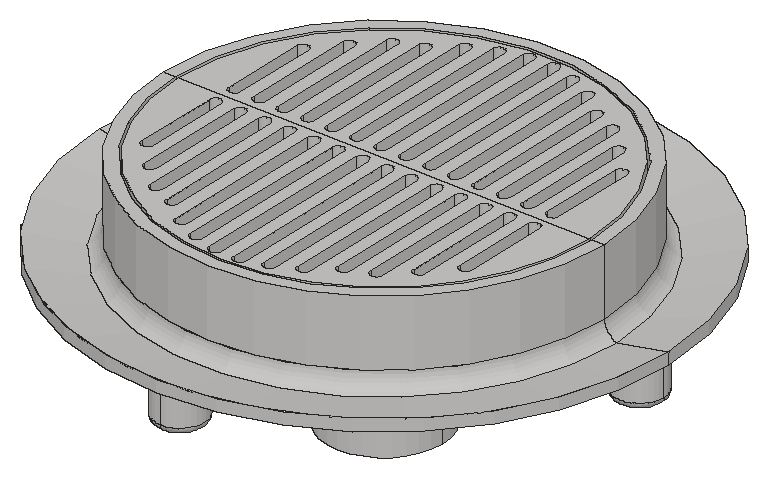
Revit family "Drain_Floor_Shallow-Type_Round_Zurn-Z1730_Heavy-Duty", category Plumbing Fixtures, Revit 2022
Family settings
  Round Connector Dimension = Use Radius
  Part Type = Normal
  OmniClass Number = 23.45.55.21
  OmniClass Title = Drains (Wastes)
  Work Plane-Based = No
  Always vertical = Yes
  Cut with Voids When Loaded = No
  Maintain Annotation Orientation = No
  Shared = No
  Room Calculation Point = No
Parameters (values of type "Load Family Type Catalog")
  Vent Connection = 1 = 0  # no
  HW Connection = 1 = 0  # no
  CW Connection = 1 = 0  # no
  Waste Connection = 1 = 1  # yes
  WFU = 0  # constant formula
  URL = "www.zurn.com"
  Type Comments = "Z1730 - 2 inch Butt-Weld Outlet"
  Product data url = "https://www.bimobject.com/en-us/zurnindustries/product/zurn-z1730"
  Product Page URL = "https://www.zurn.com/products/drainage-interceptors/floor-drains/finish-floor-drains/z1730"
  Product Documentation Link = "https://files.zurn.com/spec-sheets/z1730.pdf"
  Pipe Size 'A' (Outer Diameter) = 2.375"
  Pipe Size 'A' (Nominal Radius) = [Pipe Size 'A' (Nominal Diameter)] / 2  # 1.000"
  Pipe Size 'A' (Nominal Diameter) = 2.000"
  Pipe Size 'A' (Inner Radius) = [Pipe Size 'A' (Inner Diameter)] / 2  # 1.0335"
  Pipe Size 'A' (Outer Radius) = [Pipe Size 'A' (Outer Diameter)] / 2  # 1.1875"
  Pipe Size 'A' (Inner Diameter) = 2.067"
  Modified Date = "10/31/25"  # constant formula
  Model = "Z1730"
  Manufacurer Brand = "Zurn"  # constant formula
  Manufacturer = "Zurn Water, LLC"  # constant formula
  Main Material = Steel - Zurn- Stainless - Type - 304
  HWFU = 0  # constant formula
  Description = "9 INCH DIAMETER FLOOR DRAIN SHALLOW TYPE"  # constant formula
  Default Elevation = 0.000"
  Date Created = "06/28/13"  # constant formula
  CWFU = 0  # constant formula
  Body HT Dim 'E' = 4.813"
  Assembly Code = "D2030300"
  Approx. Weight (Lbs) = 20.000"
Reference planes (in)
  plane 1 "Center (Front/Back)": y = 0
  plane 2: z = 0
  plane 3 "Center (Left/Right)": x = 0
  plane 4 "Outlet": z = -4.813
  plane 5: x = 5.813
  plane 6: x = 4.5
  plane 7: z = -1.5
  plane 8: x = 1.0335
  plane 9: x = 1.1875
  plane 10: z = -2.5
  plane 11: x = 1
  plane 12: x = -1
  plane 13: y = 1
  plane 14: y = -1
  plane 15: x = 5.213
  plane 16: x = 5.713
  plane 17: z = -1.75
Forms (in)
  Revolve 1, solid, material "Steel - Zurn- Stainless - Type - 304" <- "Main Material", detail levels fine
    sketch origin (0, 0, 0) x (1, 0, 0) y (0, 0, 1)
      loop
        line (4, -0.625) -> (4, -1.63853)
        arc (4, -1.63853) -> (3.9466, -1.79296) -> (3.80922, -1.88142) r 0.25
        line (3.80922, -1.88142) -> (1.12889, -2.40149)
        arc (1.12889, -2.40149) -> (1.06042, -2.4422) -> (1.0335, -2.51717) r 0.11784
        line (1.0335, -2.51717) -> (1.0335, -4.813) -> (1.1875, -4.813) -> (1.1875, -2.74195)
        arc (1.1875, -2.74195) -> (1.21442, -2.66698) -> (1.28289, -2.62627) r 0.11784
        line (1.28289, -2.62627) -> (5.813, -1.74728) -> (5.813, -1.5) -> (4.74602, -1.70703)
        arc (4.74602, -1.70703) -> (4.5676, -1.56969) -> (4.5, -1.35491) r 0.375
        line (4.5, -1.35491) -> (4.5, 0) -> (4.25, 0) -> (4.25, -0.625) -> (4, -0.625)
      axis (0, -4.813) -> (0, 0)
    angle from 0 to 360
  Revolve 2, solid, material "Steel - Zurn- Stainless - Type - 304" <- "Main Material", detail levels fine
    sketch origin (0, 0, 0) x (1, 0, 0) y (0, 0, 1)
      loop
        line (5.213, -1.75) -> (5.213, -2.5) -> (5.588, -2.5)
        arc (5.588, -2.5) -> (5.67639, -2.46339) -> (5.713, -2.375) r 0.125
        line (5.713, -2.375) -> (5.713, -1.75) -> (5.213, -1.75)
      axis (5.213, -1.75) -> (5.213, -2.5)
    angle from 0 to 360
  Revolve 3, solid, material "Steel - Zurn- Stainless - Type - 304" <- "Main Material", detail levels fine
    sketch origin (0, 0, 0) x (0, 1, 0) y (0, 0, 1)
      loop
        line (5.213, -1.75) -> (5.213, -2.5) -> (5.588, -2.5)
        arc (5.588, -2.5) -> (5.67639, -2.46339) -> (5.713, -2.375) r 0.125
        line (5.713, -2.375) -> (5.713, -1.75) -> (5.213, -1.75)
      axis (5.213, -1.75) -> (5.213, -2.5)
    angle from 0 to 360
  Revolve 4, solid, material "Steel - Zurn- Stainless - Type - 304" <- "Main Material", detail levels fine
    sketch origin (0, 0, 0) x (-1, 0, 0) y (0, 0, 1)
      loop
        line (5.213, -1.75) -> (5.213, -2.5) -> (5.588, -2.5)
        arc (5.588, -2.5) -> (5.67639, -2.46339) -> (5.713, -2.375) r 0.125
        line (5.713, -2.375) -> (5.713, -1.75) -> (5.213, -1.75)
      axis (5.213, -1.75) -> (5.213, -2.5)
    angle from 0 to 360
  Revolve 5, solid, material "Steel - Zurn- Stainless - Type - 304" <- "Main Material", detail levels fine
    sketch origin (0, 0, 0) x (0, -1, 0) y (0, 0, 1)
      loop
        line (5.213, -1.75) -> (5.213, -2.5) -> (5.588, -2.5)
        arc (5.588, -2.5) -> (5.67639, -2.46339) -> (5.713, -2.375) r 0.125
        line (5.713, -2.375) -> (5.713, -1.75) -> (5.213, -1.75)
      axis (5.213, -1.75) -> (5.213, -2.5)
    angle from 0 to 360
Lines and regions (in)
  Masking region 1, detail levels fine
    outline origin (0, 0, 0) x (1, 0, 0) y (0, 1, 0)
      loop
        circle (0, 0) r 4.5
  model lines, detail levels coarse+medium
    curve 1: line (0, 0, 0) -> (0, 0, -4.813)
    curve 2: circle (0, 0, 0) r 4.25 normal (0, 0, 1)
    curve 3: circle (0, 0, 0) r 4.5 normal (0, 0, 1)
    curve 4: line (-3.29516, 2.68411, 0) -> (-3.29516, -2.68411, 0)
    curve 5: line (-2.78763, 3.20805, 0) -> (-2.78763, -3.20805, 0)
    curve 6: line (-2.28011, 3.58659, 0) -> (-2.28011, -3.58659, 0)
    curve 7: line (-1.77258, 3.8627, 0) -> (-1.77258, -3.8627, 0)
    curve 8: line (-1.26505, 4.05736, 0) -> (-1.26505, -4.05736, 0)
    curve 9: line (-0.75753, 4.18194, 0) -> (-0.75753, -4.18194, 0)
    curve 10: line (-0.25, 4.24264, 0) -> (-0.25, -4.24264, 0)
    curve 11: line (0.25753, 4.24219, 0) -> (0.25753, -4.24219, 0)
    curve 12: line (0.76505, 4.18057, 0) -> (0.76505, -4.18057, 0)
    curve 13: line (1.27258, 4.055, 0) -> (1.27258, -4.055, 0)
    curve 14: line (1.78011, 3.85924, 0) -> (1.78011, -3.85924, 0)
    curve 15: line (2.79516, 3.2015, 0) -> (2.79516, -3.2015, 0)
    curve 16: line (2.28763, 3.58179, 0) -> (2.28763, -3.58179, 0)
    curve 17: line (-3.80269, 1.89792, 0) -> (-3.80269, -1.89792, 0)
    curve 18: line (3.30269, 2.67484, 0) -> (3.30269, -2.67484, 0)
    curve 19: line (3.81021, 1.88276, 0) -> (3.81021, -1.88276, 0)
    curve 20: line (-1, 0, -4.813) -> (1, 0, -4.813)
    curve 21: line (0, -1, -4.813) -> (0, 1, -4.813)
Dimensions and locks (in)
  "Body HT Dim 'E'": plane 4 "Outlet" to level
  locked: plane 5 to plane 3 "Center (Left/Right)" at 5.813
  locked: plane 6 to plane 3 "Center (Left/Right)" at 4.5
  locked: plane 7 to level at 1.5
  "Pipe Size 'A' (Inner Radius)": plane 8 to plane 3 "Center (Left/Right)"
  "Pipe Size 'A' (Outer Radius)": plane 9 to plane 3 "Center (Left/Right)"
  plane 6 to Revolve 1 sketch curve = 0.250"
  Revolve 1 sketch curve to level = 0.625"
  plane 10 to level = 2.500"
  "Pipe Size 'A' (Nominal Radius)": plane 12 to plane 3 "Center (Left/Right)" to plane 11
  "Pipe Size 'A' (Nominal Radius)": plane 14 to plane 1 "Center (Front/Back)" to plane 13
  locked: plane 5 to plane 15 at 0.6
  locked: plane 17 to level at 1.75
  locked: Revolve 1 sketch curve to Revolve 1 sketch curve at 0.24275
  locked: Revolve 1 sketch curve to Revolve 1 sketch curve at 0.25  (x2)
  equal spacing: curve 17, curve 4, curve 5, curve 6, curve 7, curve 8, curve 9, curve 10, curve 11, curve 12, curve 13, curve 14, curve 16, curve 15, curve 18, curve 19
  locked: curve 17 to curve 19 at 7.6129
  curve 10 to plane 3 "Center (Left/Right)" = 0.250"
  radius of Revolve 1 sketch curve = 0.375"
  radius of Revolve 1 sketch curve = 0.250"
  aligned and locked: plane 2 to level
  aligned and locked: level to Revolve 1 sketch curve
  aligned and locked: plane 5 to Revolve 1 sketch curve
  aligned and locked: Revolve 1 sketch curve to plane 3 "Center (Left/Right)"
  aligned and locked: level to curve 1
  aligned and locked: plane 4 "Outlet" to curve 1
  aligned and locked: plane 3 "Center (Left/Right)" to curve 1
  aligned and locked: plane 3 "Center (Left/Right)" to nested 1
  aligned and locked: nested 1 to level
  aligned and locked: nested 1 to radial array
  aligned and locked: plane 1 "Center (Front/Back)" to nested 1
  aligned and locked: Revolve 1 sketch curve to plane 8
  aligned and locked: plane 9 to Revolve 1 sketch curve
  aligned and locked: curve 2 to Revolve 1
  aligned and locked: curve 3 to Revolve 1
  aligned and locked: plane 13 to curve 21
  aligned and locked: plane 14 to curve 21
  aligned and locked: plane 12 to curve 20
  aligned and locked: plane 11 to curve 20
  aligned and locked: plane 1 "Center (Front/Back)" to curve 20
  aligned and locked: plane 3 "Center (Left/Right)" to curve 21
  aligned and locked: Masking region 1 sketch curve to Revolve 1
Automatic sketch dimensions
  Revolve 2 sketch curve to Revolve 2 sketch curve = 0.375"
  Revolve 2 sketch curve to Revolve 2 sketch curve = 0.500"
  Revolve 2 sketch curve to Revolve 2 sketch curve = 0.625"
  Revolve 2 sketch curve to Revolve 2 sketch curve = 0.000"
  Revolve 2 sketch curve to Revolve 2 sketch curve = 0.36378"
  Revolve 2 sketch curve to Revolve 2 sketch curve = 0.73762"
  Revolve 3 sketch curve to Revolve 3 sketch curve = 0.375"
  Revolve 3 sketch curve to Revolve 3 sketch curve = 0.500"
  Revolve 3 sketch curve to Revolve 3 sketch curve = 0.625"
  Revolve 3 sketch curve to Revolve 3 sketch curve = 0.000"
  Revolve 3 sketch curve to Revolve 3 sketch curve = 0.36378"
  Revolve 3 sketch curve to Revolve 3 sketch curve = 0.73762"
  Revolve 4 sketch curve to Revolve 4 sketch curve = 0.375"
  Revolve 4 sketch curve to Revolve 4 sketch curve = 0.500"
  Revolve 4 sketch curve to Revolve 4 sketch curve = 0.625"
  Revolve 4 sketch curve to Revolve 4 sketch curve = 0.000"
  Revolve 4 sketch curve to Revolve 4 sketch curve = 0.36378"
  Revolve 4 sketch curve to Revolve 4 sketch curve = 0.73762"
  Revolve 5 sketch curve to Revolve 5 sketch curve = 0.375"
  Revolve 5 sketch curve to Revolve 5 sketch curve = 0.500"
  Revolve 5 sketch curve to Revolve 5 sketch curve = 0.625"
  Revolve 5 sketch curve to Revolve 5 sketch curve = 0.000"
  Revolve 5 sketch curve to Revolve 5 sketch curve = 0.36378"
  Revolve 5 sketch curve to Revolve 5 sketch curve = 0.73762"
  Revolve 1 sketch curve to plane 6 = 0.000"
  Revolve 1 sketch curve to plane 4 "Outlet" = 0.000"
  Revolve 1 sketch curve to plane 7 = 0.000"
  plane 8 to Revolve 1 sketch curve = 0.09539"
  Revolve 1 sketch curve to plane 10 = 0.01717"
  plane 9 to Revolve 1 sketch curve = 0.09539"
  Revolve 1 sketch curve to Revolve 1 sketch curve = 0.05922"
  plane 17 to Revolve 1 sketch curve = 0.04297"
  Revolve 1 sketch curve to plane 4 "Outlet" = 19.817"
  level to Revolve 1 sketch curve = 102.71882"
Nested families (in)
  nested 1: "Grate_Z1730" at (0, 0, 0), Main Material <- "Main Material", type "Grate_Z1730", detail levels fine
    with Main Material Steel - Zurn- Stainless - Type - 304
Connectors (in)
  piping at (0, 0, -4.813), diameter 2, driven by "Pipe Size 'A' (Nominal Radius)", driven by "Waste Connection"
    settings: on Revolve 1, index 1, connector inside diameter 24", connector length 0.000", flow factor 0, pipe flow 0 GPM, pressure drop 0.00 psi, fitting loss kfactor 0, connector angle 0.00°, fixture units 0, engagement length 0.000", angle of deflection 0.00°, flow configuration 0, flow direction 2, fitting loss method 0, system type 16, joint type 0, gender type 0, connector reference index -1, connector utility 1, adjustable connector no, is connector primary yes, connector description "Sanitary Outlet"
Definition of nested family "Grate_Z1730"
  Parameters (values of type "Grate_Z1730")
    URL = "www.zurn.com"
    Product data url = ""
    Product Page URL = ""
    Product Installation Sheet URL = ""
    Product Documentation Link = ""
    Modified Date = ""
    Manufacurer Brand = "Zurn"  # constant formula
    Manufacturer = "Zurn Water, LLC"  # constant formula
    Main Material [instance] = none
    Default Elevation = 0.000"
    Date Created = ""
    Approx. Weight (Lbs) = 0.000"
  Reference planes (in)
    plane 1 "Center (Front/Back)": y = 0
    plane 2: z = 0
    plane 3 "Center (Left/Right)": x = 0
    plane 4: x = -4.2
    plane 5: z = -0.625
    plane 6: z = -0.313
  Forms (in)
    Revolve 1, solid, material <- "Main Material"
      sketch origin (0, 0, 0) x (1, 0, 0) y (0, 0, 1)
        loop
          line (0, 0) -> (-4.2, 0) -> (-4.2, -0.625) -> (-4.075, -0.625)
          arc (-4.075, -0.625) -> (-3.98661, -0.58839) -> (-3.95, -0.5) r 0.125
          line (-3.95, -0.5) -> (-3.95, -0.438)
          arc (-3.95, -0.438) -> (-3.91339, -0.34961) -> (-3.825, -0.313) r 0.125
          line (-3.825, -0.313) -> (0, -0.313) -> (0, 0)
        axis (0, 0) -> (0, -0.625)
      angle from 0 to 360
    Extrusion 2, void
      sketch origin (0, 0, 0) x (1, 0, 0) y (0, 1, 0)
        loop
          arc (-0.375, 0.25) -> (-0.25, 0.125) -> (-0.125, 0.25) r 0.125
          line (-0.125, 0.25) -> (-0.125, 4.00274)
          arc (-0.125, 4.00274) -> (-0.25, 4.12774) -> (-0.375, 4.00274) r 0.125
          line (-0.375, 4.00274) -> (-0.375, 0.25)
        loop
          arc (-0.875, 0.25) -> (-0.75, 0.125) -> (-0.625, 0.25) r 0.125
          line (-0.625, 0.25) -> (-0.625, 3.86457)
          arc (-0.625, 3.86457) -> (-0.75, 3.98957) -> (-0.875, 3.86457) r 0.125
          line (-0.875, 3.86457) -> (-0.875, 0.25)
        loop
          arc (-1.375, 0.25) -> (-1.25, 0.125) -> (-1.125, 0.25) r 0.125
          line (-1.125, 0.25) -> (-1.125, 3.61788)
          arc (-1.125, 3.61788) -> (-1.25, 3.74288) -> (-1.375, 3.61788) r 0.125
          line (-1.375, 3.61788) -> (-1.375, 0.25)
        loop
          arc (-1.875, 0.25) -> (-1.75, 0.125) -> (-1.625, 0.25) r 0.125
          line (-1.625, 0.25) -> (-1.625, 3.22261)
          arc (-1.625, 3.22261) -> (-1.75, 3.34761) -> (-1.875, 3.22261) r 0.125
          line (-1.875, 3.22261) -> (-1.875, 0.25)
        loop
          arc (-2.375, 0.25) -> (-2.25, 0.125) -> (-2.125, 0.25) r 0.125
          line (-2.125, 0.25) -> (-2.125, 3.01161)
          arc (-2.125, 3.01161) -> (-2.25, 3.13661) -> (-2.375, 3.01161) r 0.125
          line (-2.375, 3.01161) -> (-2.375, 0.25)
        loop
          arc (-2.875, 0.25) -> (-2.75, 0.125) -> (-2.625, 0.25) r 0.125
          line (-2.625, 0.25) -> (-2.625, 2.53768)
          arc (-2.625, 2.53768) -> (-2.75, 2.66268) -> (-2.875, 2.53768) r 0.125
          line (-2.875, 2.53768) -> (-2.875, 0.25)
        loop
          arc (-3.375, 0.25) -> (-3.25, 0.125) -> (-3.125, 0.25) r 0.125
          line (-3.125, 0.25) -> (-3.125, 1.98337)
          arc (-3.125, 1.98337) -> (-3.25, 2.10837) -> (-3.375, 1.98337) r 0.125
          line (-3.375, 1.98337) -> (-3.375, 0.25)
        loop
          line (0.375, 0.25) -> (0.375, 4.00274)
          arc (0.375, 4.00274) -> (0.25, 4.12774) -> (0.125, 4.00274) r 0.125
          line (0.125, 4.00274) -> (0.125, 0.25)
          arc (0.125, 0.25) -> (0.25, 0.125) -> (0.375, 0.25) r 0.125
        loop
          line (0.875, 0.25) -> (0.875, 3.86457)
          arc (0.875, 3.86457) -> (0.75, 3.98957) -> (0.625, 3.86457) r 0.125
          line (0.625, 3.86457) -> (0.625, 0.25)
          arc (0.625, 0.25) -> (0.75, 0.125) -> (0.875, 0.25) r 0.125
        loop
          line (1.375, 0.25) -> (1.375, 3.61788)
          arc (1.375, 3.61788) -> (1.25, 3.74288) -> (1.125, 3.61788) r 0.125
          line (1.125, 3.61788) -> (1.125, 0.25)
          arc (1.125, 0.25) -> (1.25, 0.125) -> (1.375, 0.25) r 0.125
        loop
          line (1.875, 0.25) -> (1.875, 3.22261)
          arc (1.875, 3.22261) -> (1.75, 3.34761) -> (1.625, 3.22261) r 0.125
          line (1.625, 3.22261) -> (1.625, 0.25)
          arc (1.625, 0.25) -> (1.75, 0.125) -> (1.875, 0.25) r 0.125
        loop
          line (2.375, 0.25) -> (2.375, 3.01161)
          arc (2.375, 3.01161) -> (2.25, 3.13661) -> (2.125, 3.01161) r 0.125
          line (2.125, 3.01161) -> (2.125, 0.25)
          arc (2.125, 0.25) -> (2.25, 0.125) -> (2.375, 0.25) r 0.125
        loop
          line (2.875, 0.25) -> (2.875, 2.53768)
          arc (2.875, 2.53768) -> (2.75, 2.66268) -> (2.625, 2.53768) r 0.125
          line (2.625, 2.53768) -> (2.625, 0.25)
          arc (2.625, 0.25) -> (2.75, 0.125) -> (2.875, 0.25) r 0.125
        loop
          line (3.375, 0.25) -> (3.375, 1.98337)
          arc (3.375, 1.98337) -> (3.25, 2.10837) -> (3.125, 1.98337) r 0.125
          line (3.125, 1.98337) -> (3.125, 0.25)
          arc (3.125, 0.25) -> (3.25, 0.125) -> (3.375, 0.25) r 0.125
        loop
          line (-0.375, -0.25) -> (-0.375, -4.00274)
          arc (-0.375, -4.00274) -> (-0.25, -4.12774) -> (-0.125, -4.00274) r 0.125
          line (-0.125, -4.00274) -> (-0.125, -0.25)
          arc (-0.125, -0.25) -> (-0.25, -0.125) -> (-0.375, -0.25) r 0.125
        loop
          line (-0.875, -0.25) -> (-0.875, -3.86457)
          arc (-0.875, -3.86457) -> (-0.75, -3.98957) -> (-0.625, -3.86457) r 0.125
          line (-0.625, -3.86457) -> (-0.625, -0.25)
          arc (-0.625, -0.25) -> (-0.75, -0.125) -> (-0.875, -0.25) r 0.125
        loop
          line (-1.375, -0.25) -> (-1.375, -3.61788)
          arc (-1.375, -3.61788) -> (-1.25, -3.74288) -> (-1.125, -3.61788) r 0.125
          line (-1.125, -3.61788) -> (-1.125, -0.25)
          arc (-1.125, -0.25) -> (-1.25, -0.125) -> (-1.375, -0.25) r 0.125
        loop
          line (-1.875, -0.25) -> (-1.875, -3.22261)
          arc (-1.875, -3.22261) -> (-1.75, -3.34761) -> (-1.625, -3.22261) r 0.125
          line (-1.625, -3.22261) -> (-1.625, -0.25)
          arc (-1.625, -0.25) -> (-1.75, -0.125) -> (-1.875, -0.25) r 0.125
        loop
          line (-2.375, -0.25) -> (-2.375, -3.01161)
          arc (-2.375, -3.01161) -> (-2.25, -3.13661) -> (-2.125, -3.01161) r 0.125
          line (-2.125, -3.01161) -> (-2.125, -0.25)
          arc (-2.125, -0.25) -> (-2.25, -0.125) -> (-2.375, -0.25) r 0.125
        loop
          line (-2.875, -0.25) -> (-2.875, -2.53768)
          arc (-2.875, -2.53768) -> (-2.75, -2.66268) -> (-2.625, -2.53768) r 0.125
          line (-2.625, -2.53768) -> (-2.625, -0.25)
          arc (-2.625, -0.25) -> (-2.75, -0.125) -> (-2.875, -0.25) r 0.125
        loop
          line (-3.375, -0.25) -> (-3.375, -1.98337)
          arc (-3.375, -1.98337) -> (-3.25, -2.10837) -> (-3.125, -1.98337) r 0.125
          line (-3.125, -1.98337) -> (-3.125, -0.25)
          arc (-3.125, -0.25) -> (-3.25, -0.125) -> (-3.375, -0.25) r 0.125
        loop
          arc (0.375, -0.25) -> (0.25, -0.125) -> (0.125, -0.25) r 0.125
          line (0.125, -0.25) -> (0.125, -4.00274)
          arc (0.125, -4.00274) -> (0.25, -4.12774) -> (0.375, -4.00274) r 0.125
          line (0.375, -4.00274) -> (0.375, -0.25)
        loop
          arc (0.875, -0.25) -> (0.75, -0.125) -> (0.625, -0.25) r 0.125
          line (0.625, -0.25) -> (0.625, -3.86457)
          arc (0.625, -3.86457) -> (0.75, -3.98957) -> (0.875, -3.86457) r 0.125
          line (0.875, -3.86457) -> (0.875, -0.25)
        loop
          arc (1.375, -0.25) -> (1.25, -0.125) -> (1.125, -0.25) r 0.125
          line (1.125, -0.25) -> (1.125, -3.61788)
          arc (1.125, -3.61788) -> (1.25, -3.74288) -> (1.375, -3.61788) r 0.125
          line (1.375, -3.61788) -> (1.375, -0.25)
        loop
          arc (1.875, -0.25) -> (1.75, -0.125) -> (1.625, -0.25) r 0.125
          line (1.625, -0.25) -> (1.625, -3.22261)
          arc (1.625, -3.22261) -> (1.75, -3.34761) -> (1.875, -3.22261) r 0.125
          line (1.875, -3.22261) -> (1.875, -0.25)
        loop
          arc (2.375, -0.25) -> (2.25, -0.125) -> (2.125, -0.25) r 0.125
          line (2.125, -0.25) -> (2.125, -3.01161)
          arc (2.125, -3.01161) -> (2.25, -3.13661) -> (2.375, -3.01161) r 0.125
          line (2.375, -3.01161) -> (2.375, -0.25)
        loop
          arc (2.875, -0.25) -> (2.75, -0.125) -> (2.625, -0.25) r 0.125
          line (2.625, -0.25) -> (2.625, -2.53768)
          arc (2.625, -2.53768) -> (2.75, -2.66268) -> (2.875, -2.53768) r 0.125
          line (2.875, -2.53768) -> (2.875, -0.25)
        loop
          arc (3.375, -0.25) -> (3.25, -0.125) -> (3.125, -0.25) r 0.125
          line (3.125, -0.25) -> (3.125, -1.98337)
          arc (3.125, -1.98337) -> (3.25, -2.10837) -> (3.375, -1.98337) r 0.125
          line (3.375, -1.98337) -> (3.375, -0.25)
      from 0 to -0.313
  Cuts and joins
    Extrusion 2 cuts Revolve 1
  Dimensions and locks (in)
    Revolve 1 sketch curve to plane 4 = 0.250"
    Extrusion 2 sketch curve to plane 3 "Center (Left/Right)" = 0.125"
    equal spacing: Extrusion 2 sketch curve, Extrusion 2 sketch curve, Extrusion 2 sketch curve, Extrusion 2 sketch curve, Extrusion 2 sketch curve, Extrusion 2 sketch curve, Extrusion 2 sketch curve, Extrusion 2 sketch curve, Extrusion 2 sketch curve, Extrusion 2 sketch curve, Extrusion 2 sketch curve, Extrusion 2 sketch curve, Extrusion 2 sketch curve, Extrusion 2 sketch curve, locked at 0.25 each  (x4)
    locked: Extrusion 2 sketch curve to Extrusion 2 sketch curve at 3.25  (x4)
    locked: plane 3 "Center (Left/Right)" to plane 4 at 4.2
    aligned and locked: plane 2 to level
    aligned and locked: level to Revolve 1 sketch curve
    aligned and locked: Revolve 1 sketch curve to plane 4
    aligned and locked: Revolve 1 sketch curve to plane 5
    aligned and locked: Revolve 1 sketch curve to plane 6
    aligned and locked: plane 3 "Center (Left/Right)" to Revolve 1 sketch curve
    aligned and locked: Revolve 1 sketch curve to plane 3 "Center (Left/Right)"
    aligned and locked: Extrusion 2 to plane 6
    aligned and locked: level to Extrusion 2
  Automatic sketch dimensions
    plane 4 to Revolve 1 sketch curve = 0.125"
    Revolve 1 sketch curve to Revolve 1 sketch curve = 0.125"
    Revolve 1 sketch curve to plane 5 = 23.375"
    level to Revolve 1 sketch curve = 102.71882"
    Extrusion 2 sketch curve to Extrusion 2 sketch curve = 0.000"  (x3)
    plane 3 "Center (Left/Right)" to Extrusion 2 sketch curve = 0.125"  (x2)
    plane 1 "Center (Front/Back)" to Extrusion 2 sketch curve = 4.00274"
    Extrusion 2 sketch curve to Extrusion 2 sketch curve = 0.13817"  (x3)
    Extrusion 2 sketch curve to Extrusion 2 sketch curve = 0.24669"  (x4)
    Extrusion 2 sketch curve to Extrusion 2 sketch curve = 0.39526"  (x4)
    Extrusion 2 sketch curve to Extrusion 2 sketch curve = 0.21101"  (x4)
    Extrusion 2 sketch curve to Extrusion 2 sketch curve = 0.47393"  (x4)
    Extrusion 2 sketch curve to Extrusion 2 sketch curve = 0.55431"  (x4)
    plane 1 "Center (Front/Back)" to Extrusion 2 sketch curve = 0.250"  (x14)
    Extrusion 2 sketch curve to plane 1 "Center (Front/Back)" = 0.250"  (x14)
    Extrusion 2 sketch curve to Extrusion 2 sketch curve = 1.73337"  (x2)
Types in the file's own list only (18): name | Type Comments | Pipe Size 'A' (Outer Diameter) | Pipe Size 'A' (Nominal Radius) | Pipe Size 'A' (Nominal Diameter) | Pipe Size 'A' (Inner Radius) | Pipe Size 'A' (Outer Radius) | Pipe Size 'A' (Inner Diameter) | Model | Main Material | Default Elevation | Body HT Dim 'E' | Approx. Weight (Lbs)
  Z1730-2BW | "Z1730 - 2 inch Butt-Weld Outlet" | 2.375 " | 1.000 " | 2.000 " | 1.034 " | 1.188 " | 2.067 " | "Z1730" | Steel - Zurn- Stainless - Type - 304 | 0.000 " | 4.813 " | 20.000 "
  Z1730-3BW | "Z1730 - 3 inch Butt-Weld Outlet" | 3.500 " | 1.500 " | 3.000 " | 1.534 " | 1.750 " | 3.068 " | "Z1730" | Steel - Zurn- Stainless - Type - 304 | 0.000 " | 4.813 " | 20.000 "
  Z1730-4BW | "Z1730 - 4 inch Butt-Weld Outlet" | 4.500 " | 2.000 " | 4.000 " | 2.013 " | 2.250 " | 4.026 " | "Z1730" | Steel - Zurn- Stainless - Type - 304 | 0.000 " | 4.813 " | 20.000 "
  Z1730-2NH | "Z1730 - 2 inch No-Hub Outlet" | 2.375 " | 1.000 " | 2.000 " | 1.034 " | 1.188 " | 2.067 " | "Z1730" | Steel - Zurn- Stainless - Type - 304 | 0.000 " | 4.813 " | 20.000 "
  Z1730-3NH | "Z1730 - 3 inch No-Hub Outlet" | 3.500 " | 1.500 " | 3.000 " | 1.534 " | 1.750 " | 3.068 " | "Z1730" | Steel - Zurn- Stainless - Type - 304 | 0.000 " | 4.813 " | 20.000 "
  Z1730-4NH | "Z1730 - 4 inch No-Hub Outlet" | 4.500 " | 2.000 " | 4.000 " | 2.013 " | 2.250 " | 4.026 " | "Z1730" | Steel - Zurn- Stainless - Type - 304 | 0.000 " | 4.813 " | 20.000 "
  Z1730-2IP | "Z1730 - 2 inch IP Threaded Outlet" | 2.375 " | 1.000 " | 2.000 " | 1.034 " | 1.188 " | 2.067 " | "Z1730" | Steel - Zurn- Stainless - Type - 304 | 0.000 " | 4.813 " | 20.000 "
  Z1730-3IP | "Z1730 - 3 inch IP Threaded Outlet" | 3.500 " | 1.500 " | 3.000 " | 1.534 " | 1.750 " | 3.068 " | "Z1730" | Steel - Zurn- Stainless - Type - 304 | 0.000 " | 4.813 " | 20.000 "
  Z1730-4IP | "Z1730 - 4 inch IP Threaded Outlet" | 4.500 " | 2.000 " | 4.000 " | 2.013 " | 2.250 " | 4.026 " | "Z1730" | Steel - Zurn- Stainless - Type - 304 | 0.000 " | 4.813 " | 20.000 "
  ZM1730-2BW | "ZM1730 - 2 inch Butt-Weld Outlet" | 2.375 " | 1.000 " | 2.000 " | 1.034 " | 1.188 " | 2.067 " | "ZM1730" | Steel - Zurn- Stainless - Type - 316 | 0.000 " | 4.813 " | 20.000 "
  ZM1730-3BW | "ZM1730 - 3 inch Butt-Weld Outlet" | 3.500 " | 1.500 " | 3.000 " | 1.534 " | 1.750 " | 3.068 " | "ZM1730" | Steel - Zurn- Stainless - Type - 316 | 0.000 " | 4.813 " | 20.000 "
  ZM1730-4BW | "ZM1730 - 4 inch Butt-Weld Outlet" | 4.500 " | 2.000 " | 4.000 " | 2.013 " | 2.250 " | 4.026 " | "ZM1730" | Steel - Zurn- Stainless - Type - 316 | 0.000 " | 4.813 " | 20.000 "
  ZM1730-2NH | "ZM1730 - 2 inch No-Hub Outlet" | 2.375 " | 1.000 " | 2.000 " | 1.034 " | 1.188 " | 2.067 " | "ZM1730" | Steel - Zurn- Stainless - Type - 316 | 0.000 " | 4.813 " | 20.000 "
  ZM1730-3NH | "ZM1730 - 3 inch No-Hub Outlet" | 3.500 " | 1.500 " | 3.000 " | 1.534 " | 1.750 " | 3.068 " | "ZM1730" | Steel - Zurn- Stainless - Type - 316 | 0.000 " | 4.813 " | 20.000 "
  ZM1730-4NH | "ZM1730 - 4 inch No-Hub Outlet" | 4.500 " | 2.000 " | 4.000 " | 2.013 " | 2.250 " | 4.026 " | "ZM1730" | Steel - Zurn- Stainless - Type - 316 | 0.000 " | 4.813 " | 20.000 "
  ZM1730-2IP | "ZM1730 - 2 inch IP Threaded Outlet" | 2.375 " | 1.000 " | 2.000 " | 1.034 " | 1.188 " | 2.067 " | "ZM1730" | Steel - Zurn- Stainless - Type - 316 | 0.000 " | 4.813 " | 20.000 "
  ZM1730-3IP | "ZM1730 - 3 inch IP Threaded Outlet" | 3.500 " | 1.500 " | 3.000 " | 1.534 " | 1.750 " | 3.068 " | "ZM1730" | Steel - Zurn- Stainless - Type - 316 | 0.000 " | 4.813 " | 20.000 "
  ZM1730-4IP | "ZM1730 - 4 inch IP Threaded Outlet" | 4.500 " | 2.000 " | 4.000 " | 2.013 " | 2.250 " | 4.026 " | "ZM1730" | Steel - Zurn- Stainless - Type - 316 | 0.000 " | 4.813 " | 20.000 "
